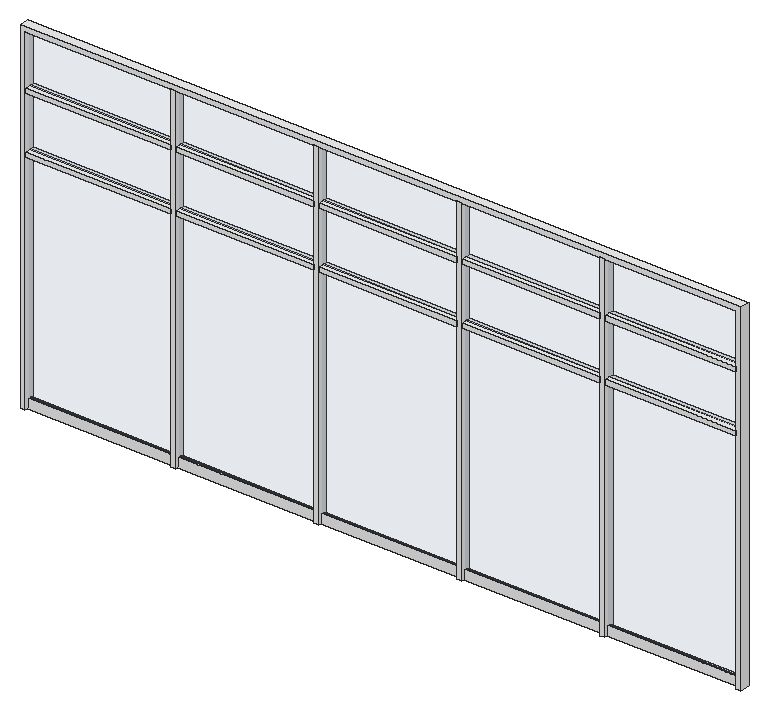
Revit family
Parameters
  프레임 투영 외부. = 25 mm
  프레임 투영 내부. = 25 mm
  프레임 폭 = 75 mm
  Height = 3600 mm
  Wall Closure = (empty or 0)
  Width = 7550 mm
  문 폭 = 1800 mm
  문 두께 = 100 mm
  문 패널 = SSD5 문 패널
  문 높이 = 2400 mm
  문 프레임 = SSD5 문 프레임
Reference planes
  plane 1: y = 0
  plane 2 "왼쪽": x = -5000
  plane 3 "오른쪽": x = 2550
  plane 4: z = 3600
  plane 5 "외부": y = 75
  plane 6 "내부": y = -75
  plane 7: x = -4950
  plane 8: x = 2500
  plane 9: y = 50
  plane 10: y = -50
  plane 11: z = 3550
  plane 12: z = 2375
  plane 13: z = 2425
  plane 14: z = 2275
  plane 15: z = 100
  plane 16: y = 6
  plane 17: y = -6
  plane 18: y = 16
  plane 19: y = -16
  plane 20: x = -1225
  plane 21: z = 2400
  plane 22: z = 3000
  plane 23: z = 2975
  plane 24: z = 3025
  plane 25: x = -3400
  plane 26: x = -1900
  plane 27: x = -400
  plane 28: x = 1100
  plane 29: x = -3425
  plane 30: x = -3375
  plane 31: x = -1875
  plane 32: x = -1925
  plane 33: x = -425
  plane 34: x = -375
  plane 35: x = 1125
  plane 36: x = 1075
Forms (mm)
  Sweep 1, solid, material "SSD5 문 프레임" <- "문 프레임"
    path origin (0, 75, 0) x (1, 0, 0) y (0, 0, 1)
      loop
        line (2550, 0) -> (2550, 3600) -> (-5000, 3600) -> (-5000, 0)
    profile origin (2550, 75, 1800) x (-1, 0, 0) y (0, -1, 0)
      loop
        line (50, 25) -> (50, 125) -> (0, 125) -> (0, 25) -> (50, 25)
  Extrusion 2, solid, material "SSD5 문 패널" <- "문 패널"
    sketch origin (0, 0, 0) x (1, 0, 0) y (0, 1, 0)
      loop
        line (-4950, 6) -> (-4950, -6) -> (-3425, -6) -> (-3425, 6) -> (-4950, 6)
      loop
        line (-3375, -6) -> (-1925, -6) -> (-1925, 6) -> (-3375, 6) -> (-3375, -6)
      loop
        line (-1875, -6) -> (-425, -6) -> (-425, 6) -> (-1875, 6) -> (-1875, -6)
      loop
        line (-375, -6) -> (1075, -6) -> (1075, 6) -> (-375, 6) -> (-375, -6)
      loop
        line (1125, -6) -> (2500, -6) -> (2500, 6) -> (1125, 6) -> (1125, -6)
    from 0 to 2375
  Extrusion 3, solid, material "SSD5 문 패널" <- "문 패널"
    sketch origin (-2581.693, 300, 2375) x (0, 1, 0) y (1, 0, 0)
      loop
        line (-294, -2368.307) -> (-294, -843.307) -> (-306, -843.307) -> (-306, -2368.307) -> (-294, -2368.307)
      loop
        line (-306, -793.307) -> (-294, -793.307) -> (-294, 656.693) -> (-306, 656.693) -> (-306, -793.307)
      loop
        line (-306, 706.693) -> (-294, 706.693) -> (-294, 2156.693) -> (-306, 2156.693) -> (-306, 706.693)
      loop
        line (-306, 2206.693) -> (-294, 2206.693) -> (-294, 3656.693) -> (-306, 3656.693) -> (-306, 2206.693)
      loop
        line (-306, 3706.693) -> (-294, 3706.693) -> (-294, 5081.693) -> (-306, 5081.693) -> (-306, 3706.693)
    from -50 to -600
  Extrusion 4, solid, material "SSD5 문 패널" <- "문 패널"
    sketch origin (-2581.693, 300, 2375) x (0, 1, 0) y (1, 0, 0)
      loop
        line (-294, -2368.307) -> (-294, -843.307) -> (-306, -843.307) -> (-306, -2368.307) -> (-294, -2368.307)
      loop
        line (-306, -793.307) -> (-294, -793.307) -> (-294, 656.693) -> (-306, 656.693) -> (-306, -793.307)
      loop
        line (-306, 706.693) -> (-294, 706.693) -> (-294, 2156.693) -> (-306, 2156.693) -> (-306, 706.693)
      loop
        line (-306, 2206.693) -> (-294, 2206.693) -> (-294, 3656.693) -> (-306, 3656.693) -> (-306, 2206.693)
      loop
        line (-306, 3706.693) -> (-294, 3706.693) -> (-294, 5081.693) -> (-306, 5081.693) -> (-306, 3706.693)
    from -650 to -1175
  Extrusion 5, solid, material "SSD5 문 프레임" <- "문 프레임"
    sketch origin (-2581.693, 300, 2375) x (0, 1, 0) y (1, 0, 0)
      loop
        line (-250, -2368.307) -> (-250, -843.307) -> (-350, -843.307) -> (-350, -2368.307) -> (-250, -2368.307)
      loop
        line (-350, -793.307) -> (-250, -793.307) -> (-250, 656.693) -> (-350, 656.693) -> (-350, -793.307)
      loop
        line (-350, 706.693) -> (-250, 706.693) -> (-250, 2156.693) -> (-350, 2156.693) -> (-350, 706.693)
      loop
        line (-350, 2206.693) -> (-250, 2206.693) -> (-250, 3656.693) -> (-350, 3656.693) -> (-350, 2206.693)
      loop
        line (-350, 3706.693) -> (-250, 3706.693) -> (-250, 5081.693) -> (-350, 5081.693) -> (-350, 3706.693)
    from 0 to -50
  Extrusion 6, solid, material "SSD5 문 프레임" <- "문 프레임"
    sketch origin (-2581.693, 300, 3000) x (0, 1, 0) y (1, 0, 0)
      loop
        line (-250, -2368.307) -> (-250, -843.307) -> (-350, -843.307) -> (-350, -2368.307) -> (-250, -2368.307)
      loop
        line (-350, -793.307) -> (-250, -793.307) -> (-250, 656.693) -> (-350, 656.693) -> (-350, -793.307)
      loop
        line (-350, 706.693) -> (-250, 706.693) -> (-250, 2156.693) -> (-350, 2156.693) -> (-350, 706.693)
      loop
        line (-350, 2206.693) -> (-250, 2206.693) -> (-250, 3656.693) -> (-350, 3656.693) -> (-350, 2206.693)
      loop
        line (-350, 3706.693) -> (-250, 3706.693) -> (-250, 5081.693) -> (-350, 5081.693) -> (-350, 3706.693)
    from -25 to 25
  Extrusion 7, solid, material "SSD5 문 프레임" <- "문 프레임"
    sketch origin (-2581.693, 300, 3000) x (0, 1, 0) y (1, 0, 0)
      loop
        line (-250, -793.307) -> (-350, -793.307) -> (-350, -843.307) -> (-250, -843.307) -> (-250, -793.307)
      loop
        line (-250, 656.693) -> (-250, 706.693) -> (-350, 706.693) -> (-350, 656.693) -> (-250, 656.693)
      loop
        line (-250, 2156.693) -> (-250, 2206.693) -> (-350, 2206.693) -> (-350, 2156.693) -> (-250, 2156.693)
      loop
        line (-250, 3656.693) -> (-250, 3706.693) -> (-350, 3706.693) -> (-350, 3656.693) -> (-250, 3656.693)
    from -550 to 3000
  Extrusion 8, solid, material "SSD5 문 프레임" <- "문 프레임"
    sketch origin (-2581.693, 300, 3000) x (0, 1, 0) y (1, 0, 0)
      loop
        line (-306, -2368.307) -> (-306, -843.307) -> (-316, -843.307) -> (-316, -2368.307) -> (-306, -2368.307)
      loop
        line (-294, -2368.307) -> (-284, -2368.307) -> (-284, -843.307) -> (-294, -843.307) -> (-294, -2368.307)
      loop
        line (-316, -793.307) -> (-306, -793.307) -> (-306, 656.693) -> (-316, 656.693) -> (-316, -793.307)
      loop
        line (-294, -793.307) -> (-284, -793.307) -> (-284, 656.693) -> (-294, 656.693) -> (-294, -793.307)
      loop
        line (-294, 706.693) -> (-284, 706.693) -> (-284, 2156.693) -> (-294, 2156.693) -> (-294, 706.693)
      loop
        line (-316, 706.693) -> (-306, 706.693) -> (-306, 2156.693) -> (-316, 2156.693) -> (-316, 706.693)
      loop
        line (-294, 2206.693) -> (-284, 2206.693) -> (-284, 3656.693) -> (-294, 3656.693) -> (-294, 2206.693)
      loop
        line (-316, 2206.693) -> (-306, 2206.693) -> (-306, 3656.693) -> (-316, 3656.693) -> (-316, 2206.693)
      loop
        line (-294, 3706.693) -> (-284, 3706.693) -> (-284, 5081.693) -> (-294, 5081.693) -> (-294, 3706.693)
      loop
        line (-316, 3706.693) -> (-306, 3706.693) -> (-306, 5081.693) -> (-316, 5081.693) -> (-316, 3706.693)
    from 2900 to 3000
Lines and regions (mm)
  Opening 1
    outline origin (-3050, -75, 0) x (1, 0, 0) y (0, 0, 1)
      loop
        line (-1950, 0) -> (5600, 0) -> (5600, 3600) -> (-1950, 3600) -> (-1950, 0)
Text (mm)
  text "외부" at (-2295.016, 1099.543, 0), in view "참조 레벨"
  text "외부" at (0, 1615.38, 3698.081), in view "왼쪽"
  text "외부" at (0, 1036.032, 3874.932), in view "오른쪽"
Dimensions and locks
  plane 2 "왼쪽" to plane 3 "오른쪽" = 7550 mm
  "Width": plane 2 "왼쪽" to plane 3 "오른쪽"
  "Height": plane 4 to host wall
  "문 높이": host wall to plane 21
  host wall to plane 4 = 3600 mm
  locked: plane 5 "외부" to host wall at 0
  locked: plane 6 "내부" to host wall
  locked: plane 2 "왼쪽" to plane 7 at 50
  locked: plane 8 to plane 3 "오른쪽" at 50
  "문 두께": plane 9 to plane 10
  locked: plane 11 to plane 4 at 50
  locked: plane 12 to plane 13 at 50
  locked: plane 14 to plane 12 at 100
  locked: level to plane 15 at 100
  plane 16 to host wall to plane 17 = 6 mm locked, 6 mm locked
  locked: plane 17 to plane 19 at 10
  locked: plane 18 to plane 16 at 10
  locked: plane 12 to plane 21 at 25
  equal spacing: plane 21, plane 22, plane 4
  plane 23 to plane 22 to plane 24 = 25 mm locked, 25 mm locked
  equal spacing: plane 2 "왼쪽", plane 20, plane 3 "오른쪽"
  plane 2 "왼쪽" to plane 25 to plane 26 to plane 27 to plane 28 = 1600 mm locked, 1500 mm locked, 1500 mm locked, 1500 mm locked
  plane 29 to plane 25 to plane 30 = 25 mm locked, 25 mm locked
  plane 32 to plane 26 to plane 31 = 25 mm locked, 25 mm locked
  plane 33 to plane 27 to plane 34 = 25 mm locked, 25 mm locked
  plane 36 to plane 28 to plane 35 = 25 mm locked, 25 mm locked
  equal spacing: plane 9, plane 1, plane 10
  aligned and locked: plane 2 "왼쪽" to Opening 1 sketch curve
  aligned and locked: plane 4 to Opening 1 sketch curve
  aligned and locked: Opening 1 sketch curve to plane 4
  aligned and locked: Opening 1 sketch curve to plane 3 "오른쪽"
  aligned and locked: Opening 1 sketch curve to level
  aligned and locked: host wall to plane 1
  aligned and locked: Sweep 1 sketch curve to plane 2 "왼쪽"
  aligned and locked: plane 4 to Sweep 1 sketch curve
  aligned and locked: plane 3 "오른쪽" to Sweep 1 sketch curve
  aligned and locked: plane 8 to Sweep 1 sketch curve
  aligned and locked: host wall to Sweep 1 sketch curve
  aligned and locked: Sweep 1 sketch curve to plane 9
  aligned and locked: plane 10 to Sweep 1 sketch curve
  aligned and locked: plane 11 to Sweep 1
  aligned and locked: plane 7 to Extrusion 2 sketch curve
  aligned and locked: Extrusion 2 sketch curve to plane 16
  aligned and locked: plane 17 to Extrusion 2 sketch curve
  aligned and locked: Extrusion 2 to plane 12
  aligned and locked: Extrusion 2 to Extrusion 3 sketch curve  (x5)
  aligned and locked: Extrusion 3 sketch curve to Extrusion 2  (x13)
  aligned and locked: Extrusion 4 sketch curve to Extrusion 2  (x11)
  aligned and locked: plane 13 to Extrusion 3
  aligned and locked: Extrusion 4 to Sweep 1
  aligned and locked: Extrusion 5 to plane 13
  aligned and locked: plane 24 to Extrusion 4
  aligned and locked: Extrusion 6 sketch curve to Sweep 1  (x2)
  aligned and locked: Extrusion 6 sketch curve to plane 9
  aligned and locked: Extrusion 6 sketch curve to plane 10  (x2)
  aligned and locked: Extrusion 6 to Extrusion 4
  aligned and locked: Extrusion 6 to Extrusion 3
  aligned and locked: Extrusion 5 sketch curve to Sweep 1  (x2)
  aligned and locked: plane 30 to Extrusion 7 sketch curve
  aligned and locked: Extrusion 7 sketch curve to plane 9
  aligned and locked: Extrusion 7 sketch curve to plane 10
  aligned and locked: Extrusion 7 sketch curve to plane 29
  aligned and locked: plane 32 to Extrusion 7 sketch curve
  aligned and locked: plane 9 to Extrusion 7 sketch curve  (x3)
  aligned and locked: Extrusion 7 sketch curve to plane 31
  aligned and locked: plane 33 to Extrusion 7 sketch curve
  aligned and locked: Extrusion 7 sketch curve to plane 34
  aligned and locked: plane 36 to Extrusion 7 sketch curve
  aligned and locked: plane 10 to Extrusion 7 sketch curve
  aligned and locked: Extrusion 7 sketch curve to plane 35
  aligned and locked: Extrusion 7 to level
  aligned and locked: Extrusion 7 to Sweep 1
  aligned and locked: plane 29 to Extrusion 2 sketch curve
  aligned and locked: plane 30 to Extrusion 2 sketch curve
  aligned and locked: Extrusion 2 sketch curve to plane 17  (x4)
  aligned and locked: plane 16 to Extrusion 2 sketch curve  (x4)
  aligned and locked: Extrusion 2 sketch curve to plane 32
  aligned and locked: plane 31 to Extrusion 2 sketch curve
  aligned and locked: Extrusion 2 sketch curve to plane 33
  aligned and locked: plane 34 to Extrusion 2 sketch curve
  aligned and locked: Extrusion 2 sketch curve to plane 36
  aligned and locked: plane 35 to Extrusion 2 sketch curve
  aligned and locked: Extrusion 2 sketch curve to plane 8
  aligned and locked: plane 29 to Extrusion 3 sketch curve
  aligned and locked: Extrusion 3 sketch curve to plane 17
  aligned and locked: Extrusion 4 sketch curve to plane 7
  aligned and locked: plane 29 to Extrusion 4 sketch curve
  aligned and locked: Extrusion 4 sketch curve to plane 17
  aligned and locked: Extrusion 2 to Extrusion 4 sketch curve  (x3)
  aligned and locked: plane 29 to Extrusion 5 sketch curve
  aligned and locked: Extrusion 7 to Extrusion 5 sketch curve  (x4)
  aligned and locked: Extrusion 5 sketch curve to plane 10
  aligned and locked: Extrusion 5 sketch curve to Extrusion 7  (x9)
  aligned and locked: Sweep 1 to Extrusion 5 sketch curve
  aligned and locked: plane 29 to Extrusion 6 sketch curve
  aligned and locked: Extrusion 7 to Extrusion 6 sketch curve  (x4)
  aligned and locked: Extrusion 6 sketch curve to Extrusion 7  (x9)
  aligned and locked: Sweep 1 to Extrusion 6 sketch curve
  aligned and locked: Extrusion 8 sketch curve to Extrusion 2  (x14)
  aligned and locked: plane 19 to Extrusion 8 sketch curve  (x5)
  aligned and locked: Extrusion 8 sketch curve to plane 29
  aligned and locked: Extrusion 2 to Extrusion 8 sketch curve  (x5)
  aligned and locked: plane 18 to Extrusion 8 sketch curve  (x5)
  aligned and locked: plane 29 to Extrusion 8 sketch curve
  aligned and locked: plane 30 to Extrusion 8 sketch curve
  aligned and locked: Extrusion 8 sketch curve to plane 16
  aligned and locked: plane 32 to Extrusion 8 sketch curve
  aligned and locked: plane 33 to Extrusion 8 sketch curve
  aligned and locked: plane 31 to Extrusion 8 sketch curve
  aligned and locked: plane 36 to Extrusion 8 sketch curve
  aligned and locked: plane 34 to Extrusion 8 sketch curve
  aligned and locked: plane 8 to Extrusion 8 sketch curve
  aligned and locked: plane 35 to Extrusion 8 sketch curve
  aligned and locked: Extrusion 8 to level
  aligned and locked: Extrusion 8 to plane 15
  aligned and locked: plane 23 to Extrusion 6
Automatic sketch dimensions
  Sweep 1 sketch curve to level = 0 mm  (x2)
  Extrusion 7 sketch curve to plane 10 = 0 mm  (x2)
  Extrusion 2 sketch curve to plane 16 = 0 mm
  Extrusion 2 sketch curve to plane 17 = 0 mm  (x2)
  Extrusion 4 sketch curve to plane 17 = 0 mm
  Extrusion 4 sketch curve to plane 16 = 0 mm  (x2)
  Extrusion 5 sketch curve to plane 10 = 0 mm
  Extrusion 5 sketch curve to plane 9 = 0 mm
  Extrusion 8 sketch curve to plane 19 = 0 mm
  Extrusion 8 sketch curve to plane 18 = 0 mm  (x2)
